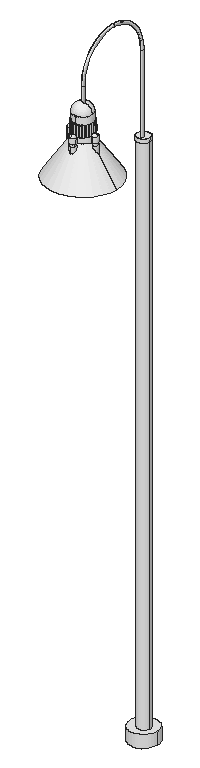
Revit family "ERA-RA25", category Lighting Fixtures, Revit 2014
Parameters (values of type "ER-RA17-1A")
  Wattage Comments = "60 LEDs, 68 W"  # constant formula
  Voltage = 120 V
  URL = "http://www.kimlighting.com/products/era"
  Type Comments = "Lighting Fixture"  # constant formula
  Series = "ERA LUMINAIRE"  # constant formula
  Product Page URL = "http://www.kimlighting.com/products/era"
  Product Documentation Link = "http://www.kimlighting.com/content/products/specs/specs_files/kl_ra17eled_spec.pdf"
  Power Factor = 1  # constant formula
  Pole Height = Mount Height - 16 1/2"  # 175 1/2"
  Pole Finish = Metal-Kim Lighting-Aluminum Alloy
  Photometric Web Link = "https://www.hubbell.com/kimlighting/en/Products/Lighting-Controls/Commercial-Outdoor-Lighting/Decorative-Post-Top/Era/p/248461#prod-photometry-section"
  Photometric Notes = "More IES files download on Photometric Web Link"  # constant formula
  Number of Poles = 1
  Mount Height = 192"
  Model = "Era"  # constant formula
  MasterFormat Title = "Parking Lighting, Roadway Lighting, Site Lighting"  # constant formula
  Manufacturer = "Kim Lighting"  # constant formula
  Load Classification = Lighting
  Lamp = "LED"  # constant formula
  Inside Material = Metal-Kim Lighting-Aluminum-Reflective
  Housing Material = Metal-Kim Lighting-Aluminum Alloy
  Glass Material = Glass-Kim Lighting-Clear
  Finish = "All colors shall be a Super TGIC powder coat paint. Optional white (WH) and custom colors available."
  Description = "Site/Roadway Luminaire"  # constant formula
  Assembly Code = "D5020200"
  Arm Material = Metal-Kim Lighting-Aluminum Alloy
  Apparent Load = 68 VA
  Height = 17 1/2"
  Angle Bee = 180.00°
  4C = no
  3Y = no
  2 = no
  1 = yes
Reference planes (in)
  plane 1 "Center (Front/Back)": y = 0
  plane 2: z = 189
  plane 3 "Center (Left/Right)": x = -1.40174
  plane 4 "TOP": z = 192
  plane 5: z = 175.5
  plane 6: z = 182.5
  plane 7: x = 1.59826
  plane 8: x = -4.40174
  plane 9: z = 174.5
  plane 10: x = 7.09826
  plane 11: x = -9.90174
  plane 12: z = 183.5
  plane 13: z = 185
  plane 14: z = 188
  plane 15: x = 2.59826
  plane 16: x = -5.40174
  plane 17: y = -3
  plane 18: x = 3.34826
  plane 19: z = 179.5
  plane 20: x = -6.15174
  plane 21: y = 3
  plane 22: y = 4
  plane 23: y = -4
  plane 24: z = 177.20677
  plane 25 "Bottom": z = 172.75
  plane 26: z = 175
  plane 27: z = 176.5
  plane 28: z = 0
Forms (in)
  Revolve 1, solid, material "Glass-Kim Lighting-Clear" <- "Glass Material", not visible
    sketch origin (0, 0, 33.625) x (1, 0, 0) y (0, 0, 1)
      loop
        line (5.64075, 140.875) -> (5.36959, 140.875)
        arc (5.36959, 140.875) -> (2.08006, 139.66194) -> (-1.40174, 139.25) r 14.92048
        line (-1.40174, 139.25) -> (-1.40174, 139.125)
        arc (-1.40174, 139.125) -> (2.22659, 139.56905) -> (5.64075, 140.875) r 15.04548
      axis (-1.40174, 139.125) -> (-1.40174, 140.875)
    angle from 0 to 360
  Extrusion 2, solid, material "Glass-Kim Lighting-Clear" <- "Glass Material", not visible
    sketch origin (4.8439, 0, 27.67862) x (0, 1, 0) y (1, 0, 0)
      loop
        circle (0, -6.24564) r 7.04249
    from -147.32138 to -146.82138
  Revolve 3, solid, material "Metal-Kim Lighting-Aluminum Alloy" <- "Housing Material", not visible
    sketch origin (0, 0, 36) x (1, 0, 0) y (0, 0, 1)
      loop
        line (-1.40174, 156) -> (-1.40174, 155.875)
        arc (-1.40174, 155.875) -> (0.63119, 155.03293) -> (1.47326, 153) r 2.875
        line (1.47326, 153) -> (1.59826, 153)
        arc (1.59826, 153) -> (0.71958, 155.12132) -> (-1.40174, 156) r 3
      axis (-1.40174, 156) -> (-1.40174, 153)
    angle from 0 to 360
  Extrusion 4, solid, material "Metal-Kim Lighting-Aluminum Alloy" <- "Housing Material", not visible
    sketch origin (4.8439, 0, 29.1894) x (0, 1, 0) y (-1, 0, 0)
      loop
        circle (0, 2.24564) r 1
    from 150.3106 to 153.3106
  Extrusion 5, solid, material "Metal-Kim Lighting-Aluminum Alloy" <- "Housing Material", not visible
    sketch origin (0.83045, 4.01345, 29.1894) x (0, 1, 0) y (-1, 0, 0)
      loop
        circle (-0.01345, 2.23219) r 1
    from 150.3106 to 153.3106
  Extrusion 6, solid, material "Metal-Kim Lighting-Aluminum Alloy" <- "Housing Material", not visible
    sketch origin (-3.183, 0, 29.1894) x (0, 1, 0) y (-1, 0, 0)
      loop
        circle (0, 2.21874) r 0.98655
    from 150.3106 to 153.3106
  Extrusion 7, solid, material "Metal-Kim Lighting-Aluminum Alloy" <- "Housing Material", not visible
    sketch origin (0.83045, -4.01345, 29.1894) x (0, 1, 0) y (-1, 0, 0)
      loop
        circle (0.01345, 2.23219) r 0.98655
    from 150.3106 to 153.3106
  Blend 8, solid, material "Metal-Kim Lighting-Aluminum Alloy" <- "Housing Material", not visible
    base sketch origin (4.8439, 0, 29.1894) x (0, 1, 0) y (-1, 0, 0)
      loop
        line (3.25, 6.24564) -> (3.25, 6.49564) -> (3, 6.49564) -> (2.96248, 6.78061) -> (3.20396, 6.84532) -> (3.13926, 7.0868) -> (3.07455, 7.32828) -> (2.83307, 7.26357) -> (2.72308, 7.52913) -> (2.93958, 7.65413) -> (2.81458, 7.87064) -> (2.68958, 8.08714) -> (2.47308, 7.96214) -> (2.2981, 8.19018) -> (2.47487, 8.36696) -> (2.2981, 8.54373) -> (2.12132, 8.72051) -> (1.94454, 8.54373) -> (1.71836, 8.73208) -> (1.84197, 8.94939) -> (1.62466, 9.073) -> (1.40736, 9.1966) -> (1.28375, 8.9793) -> (1.01259, 9.07799) -> (1.07942, 9.334) -> (0.83753, 9.39715) -> (0.59564, 9.4603) -> (0.53249, 9.21841) -> (0.24492, 9.25814) -> (0.24332, 9.50814) -> (-0.00668, 9.50653) -> (-0.25667, 9.50493) -> (-0.25507, 9.25493) -> (-0.53249, 9.21841) -> (-0.59564, 9.4603) -> (-0.83753, 9.39715) -> (-1.07942, 9.334) -> (-1.01627, 9.0921) -> (-1.28375, 8.9793) -> (-1.40736, 9.1966) -> (-1.62466, 9.073) -> (-1.84197, 8.94939) -> (-1.71836, 8.73208) -> (-1.94454, 8.54373) -> (-2.12132, 8.72051) -> (-2.2981, 8.54373) -> (-2.47487, 8.36696) -> (-2.2981, 8.19018) -> (-2.47308, 7.96214) -> (-2.68958, 8.08714) -> (-2.81458, 7.87064) -> (-2.93958, 7.65413) -> (-2.72308, 7.52913) -> (-2.83307, 7.26357) -> (-3.07455, 7.32828) -> (-3.13926, 7.0868) -> (-3.20396, 6.84532) -> (-2.96248, 6.78061) -> (-3, 6.49564) -> (-3.25, 6.49564) -> (-3.25, 6.24564) -> (-3.25, 5.99564) -> (-3, 5.99564) -> (-2.96248, 5.71066) -> (-3.20396, 5.64595) -> (-3.13926, 5.40447) -> (-3.07455, 5.16299) -> (-2.83307, 5.2277) -> (-2.72308, 4.96214) -> (-2.93958, 4.83714) -> (-2.81458, 4.62064) -> (-2.68958, 4.40413) -> (-2.47308, 4.52913) -> (-2.2981, 4.30109) -> (-2.47487, 4.12432) -> (-2.2981, 3.94754) -> (-2.12132, 3.77076) -> (-1.94454, 3.94754) -> (-1.71836, 3.75919) -> (-1.84197, 3.54188) -> (-1.62466, 3.41828) -> (-1.40736, 3.29467) -> (-1.28375, 3.51197) -> (-1.01627, 3.39917) -> (-1.07942, 3.15727) -> (-0.83753, 3.09412) -> (-0.59564, 3.03097) -> (-0.53249, 3.27286) -> (-0.25507, 3.23634) -> (-0.25667, 2.98634) -> (-0.00668, 2.98474) -> (0.24332, 2.98313) -> (0.24492, 3.23313) -> (0.53249, 3.27286) -> (0.59564, 3.03097) -> (0.83753, 3.09412) -> (1.07942, 3.15727) -> (1.01627, 3.39917) -> (1.28375, 3.51197) -> (1.40736, 3.29467) -> (1.62466, 3.41828) -> (1.84197, 3.54188) -> (1.72076, 3.75497) -> (1.94454, 3.94754) -> (2.12132, 3.77076) -> (2.2981, 3.94754) -> (2.47487, 4.12432) -> (2.2981, 4.30109) -> (2.47308, 4.52913) -> (2.68958, 4.40413) -> (2.81458, 4.62064) -> (2.93958, 4.83714) -> (2.72308, 4.96214) -> (2.83307, 5.2277) -> (3.07455, 5.16299) -> (3.13926, 5.40447) -> (3.20396, 5.64595) -> (2.96248, 5.71066) -> (3, 5.99564) -> (3.25, 5.99564) -> (3.25, 6.24564)
    top sketch origin (4.8439, 0, 29.1894) x (0, 1, 0) y (-1, 0, 0)
      loop
        line (3.25, 6.24564) -> (3.25, 6.49564) -> (3, 6.49564) -> (2.96248, 6.78061) -> (3.20396, 6.84532) -> (3.13926, 7.0868) -> (3.07455, 7.32828) -> (2.83307, 7.26357) -> (2.72308, 7.52913) -> (2.93958, 7.65413) -> (2.81458, 7.87064) -> (2.68958, 8.08714) -> (2.47308, 7.96214) -> (2.2981, 8.19018) -> (2.47487, 8.36696) -> (2.2981, 8.54373) -> (2.12132, 8.72051) -> (1.94454, 8.54373) -> (1.71836, 8.73208) -> (1.84197, 8.94939) -> (1.62466, 9.073) -> (1.40736, 9.1966) -> (1.28375, 8.9793) -> (1.01259, 9.07799) -> (1.07942, 9.334) -> (0.83753, 9.39715) -> (0.59564, 9.4603) -> (0.53249, 9.21841) -> (0.24492, 9.25814) -> (0.24332, 9.50814) -> (-0.00668, 9.50653) -> (-0.25667, 9.50493) -> (-0.25507, 9.25493) -> (-0.53249, 9.21841) -> (-0.59564, 9.4603) -> (-0.83753, 9.39715) -> (-1.07942, 9.334) -> (-1.01627, 9.0921) -> (-1.28375, 8.9793) -> (-1.40736, 9.1966) -> (-1.62466, 9.073) -> (-1.84197, 8.94939) -> (-1.71836, 8.73208) -> (-1.94454, 8.54373) -> (-2.12132, 8.72051) -> (-2.2981, 8.54373) -> (-2.47487, 8.36696) -> (-2.2981, 8.19018) -> (-2.47308, 7.96214) -> (-2.68958, 8.08714) -> (-2.81458, 7.87064) -> (-2.93958, 7.65413) -> (-2.72308, 7.52913) -> (-2.83307, 7.26357) -> (-3.07455, 7.32828) -> (-3.13926, 7.0868) -> (-3.20396, 6.84532) -> (-2.96248, 6.78061) -> (-3, 6.49564) -> (-3.25, 6.49564) -> (-3.25, 6.24564) -> (-3.25, 5.99564) -> (-3, 5.99564) -> (-2.96248, 5.71066) -> (-3.20396, 5.64595) -> (-3.13926, 5.40447) -> (-3.07455, 5.16299) -> (-2.83307, 5.2277) -> (-2.72308, 4.96214) -> (-2.93958, 4.83714) -> (-2.81458, 4.62064) -> (-2.68958, 4.40413) -> (-2.47308, 4.52913) -> (-2.2981, 4.30109) -> (-2.47487, 4.12432) -> (-2.2981, 3.94754) -> (-2.12132, 3.77076) -> (-1.94454, 3.94754) -> (-1.71836, 3.75919) -> (-1.84197, 3.54188) -> (-1.62466, 3.41828) -> (-1.40736, 3.29467) -> (-1.28375, 3.51197) -> (-1.01627, 3.39917) -> (-1.07942, 3.15727) -> (-0.83753, 3.09412) -> (-0.59564, 3.03097) -> (-0.53249, 3.27286) -> (-0.25507, 3.23634) -> (-0.25667, 2.98634) -> (-0.00668, 2.98474) -> (0.24332, 2.98313) -> (0.24492, 3.23313) -> (0.53249, 3.27286) -> (0.59564, 3.03097) -> (0.83753, 3.09412) -> (1.07942, 3.15727) -> (1.01627, 3.39917) -> (1.28375, 3.51197) -> (1.40736, 3.29467) -> (1.62466, 3.41828) -> (1.84197, 3.54188) -> (1.72076, 3.75497) -> (1.94454, 3.94754) -> (2.12132, 3.77076) -> (2.2981, 3.94754) -> (2.47487, 4.12432) -> (2.2981, 4.30109) -> (2.47308, 4.52913) -> (2.68958, 4.40413) -> (2.81458, 4.62064) -> (2.93958, 4.83714) -> (2.72308, 4.96214) -> (2.83307, 5.2277) -> (3.07455, 5.16299) -> (3.13926, 5.40447) -> (3.20396, 5.64595) -> (2.96248, 5.71066) -> (3, 5.99564) -> (3.25, 5.99564) -> (3.25, 6.24564)
    from 155.8106 to 158.8106
  Extrusion 9, solid, material "Metal-Kim Lighting-Aluminum Alloy" <- "Housing Material", not visible
    sketch origin (4.8439, 0, 29.1894) x (0, 1, 0) y (-1, 0, 0)
      loop
        circle (0, 6.24564) r 3.25
      loop
        circle (0, 6.24564) r 3
    from 153.3106 to 155.8106
  Extrusion 10, solid, material "Metal-Kim Lighting-Aluminum Alloy" <- "Housing Material", not visible
    sketch origin (4.8439, 0, 29.1894) x (0, 1, 0) y (-1, 0, 0)
      loop
        circle (0, 2.24564) r 1
    from 154.3106 to 155.8106
  Revolve 11, solid, material "Metal-Kim Lighting-Aluminum Alloy" <- "Housing Material", not visible, detail levels fine
    sketch origin (0, 0, 36) x (1, 0, 0) y (0, 0, 1)
      loop
        arc (3.34826, 149) -> (3.12859, 149.53033) -> (2.59826, 149.75) r 0.75
        line (2.59826, 149.75) -> (2.59826, 149) -> (3.34826, 149)
      axis (2.59826, 149) -> (2.59826, 149.75)
    angle from 0 to 360
  Extrusion 12, solid, material "Metal-Kim Lighting-Aluminum Alloy" <- "Housing Material", not visible
    sketch origin (4.8439, 0, 29.1894) x (0, 1, 0) y (-1, 0, 0)
      loop
        circle (0, 10.24564) r 0.75
    from 153.3106 to 155.8106
  Extrusion 13, solid, material "Metal-Kim Lighting-Aluminum Alloy" <- "Housing Material", not visible
    sketch origin (-7.64737, 0, 29.1894) x (0, -1, 0) y (1, 0, 0)
      loop
        circle (0, 2.24564) r 1
    from 154.3106 to 155.8106
  Revolve 14, solid, material "Metal-Kim Lighting-Aluminum Alloy" <- "Housing Material", not visible
    sketch origin (-2.80348, 0, 36) x (-1, 0, 0) y (0, 0, 1)
      loop
        arc (3.34826, 149) -> (3.12859, 149.53033) -> (2.59826, 149.75) r 0.75
        line (2.59826, 149.75) -> (2.59826, 149) -> (3.34826, 149)
      axis (2.59826, 149) -> (2.59826, 149.75)
    angle from 0 to 360
  Extrusion 15, solid, material "Metal-Kim Lighting-Aluminum Alloy" <- "Housing Material", not visible
    sketch origin (-7.64737, 0, 29.1894) x (0, -1, 0) y (1, 0, 0)
      loop
        circle (0, 10.24564) r 0.75
    from 153.3106 to 155.8106
  Revolve 16, solid, material "Metal-Kim Lighting-Aluminum Alloy" <- "Housing Material", not visible
    sketch origin (0, 0, 36) x (1, 0, 0) y (0, 0, 1)
      loop
        line (1.59826, 146.5) -> (-1.40174, 146.5) -> (-1.40174, 143.5) -> (2.4979, 143.5) -> (5.64075, 139.5) -> (5.64075, 138.5) -> (7.09826, 138.5) -> (7.09826, 139.5) -> (1.59826, 146.5)
      axis (-1.40174, 138.5) -> (-1.40174, 146.5)
    angle from 0 to 360
  Revolve 17, solid, material "Metal-Kim Lighting-Aluminum-Reflective" <- "Inside Material", not visible
    sketch origin (5.12421, 0, -11.18857) x (1, 0, 0) y (0, 0, 1)
      loop
        line (-6.52594, 190.587) -> (-2.95443, 190.587) -> (-2.95443, 189.77976) -> (-1.45607, 189.08102) -> (-0.97861, 187.69437) -> (-0.97861, 185.68857) -> (0.51899, 185.68857) -> (0.51899, 185.79013) -> (-0.87705, 185.79013) -> (-0.87705, 187.71136) -> (-1.37408, 189.15484) -> (-2.85287, 189.84446) -> (-2.85287, 190.68857) -> (-6.52594, 190.68857) -> (-6.52594, 190.587)
      axis (-6.52594, 190.68857) -> (-6.52594, 185.68857)
    angle from 0 to 360
  Revolve 18, solid, material "Metal-Kim Lighting-Aluminum-Reflective" <- "Inside Material", not visible
    sketch origin (5.12421, 0, -11.18857) x (1, 0, 0) y (0, 0, 1)
      loop
        line (-6.52594, 189.7429) -> (-3.04956, 189.7429) -> (-2.55732, 188.31334) -> (-0.97895, 188.31334) -> (-0.97895, 185.68857) -> (0.51899, 185.68857) -> (0.51899, 185.79463) -> (-0.87635, 185.79463) -> (-0.87635, 188.39533) -> (-2.47814, 188.39533) -> (-2.97712, 189.84446) -> (-6.52594, 189.84446) -> (-6.52594, 189.7429)
      axis (-6.52594, 189.84446) -> (-6.52594, 185.68857)
    angle from 0 to 360
  Extrusion 19, solid, material "Metal-Kim Lighting-Aluminum Alloy" <- "Housing Material", not visible
    sketch origin (4.8439, 0, 29.1894) x (0, 1, 0) y (-1, 0, 0)
      loop
        circle (0, 6.24564) r 3
    from 155.8106 to 159.8106
  Extrusion 20, solid, material "Metal-Kim Lighting-Aluminum Alloy" <- "Housing Material", not visible
    sketch origin (-1.40174, -6.24564, 29.1894) x (1, 0, 0) y (0, 1, 0)
      loop
        circle (0, 2.24564) r 1
    from 154.3106 to 155.8106
  Revolve 21, solid, material "Metal-Kim Lighting-Aluminum Alloy" <- "Housing Material", not visible, detail levels fine
    sketch origin (-1.40174, -1.40174, 36) x (0, -1, 0) y (0, 0, -1)
      loop
        line (3.34826, -149) -> (2.59826, -149) -> (2.59826, -149.75)
        arc (2.59826, -149.75) -> (3.12859, -149.53033) -> (3.34826, -149) r 0.75
      axis (2.59826, -149) -> (2.59826, -149.75)
    angle from 0 to 360
  Extrusion 22, solid, material "Metal-Kim Lighting-Aluminum Alloy" <- "Housing Material", not visible
    sketch origin (-1.40174, 6.24564, 29.1894) x (-1, 0, 0) y (0, -1, 0)
      loop
        circle (0, 2.24564) r 1
    from 154.3106 to 155.8106
  Revolve 23, solid, material "Metal-Kim Lighting-Aluminum Alloy" <- "Housing Material", not visible
    sketch origin (-1.40174, 1.40174, 36) x (0, 1, 0) y (0, 0, 1)
      loop
        arc (3.34826, 149) -> (3.12859, 149.53033) -> (2.59826, 149.75) r 0.75
        line (2.59826, 149.75) -> (2.59826, 149) -> (3.34826, 149)
      axis (2.59826, 149) -> (2.59826, 149.75)
    angle from 0 to 360
  Extrusion 24, solid, material "Metal-Kim Lighting-Aluminum Alloy" <- "Housing Material", not visible
    sketch origin (-1.40174, 6.24564, 29.1894) x (-1, 0, 0) y (0, -1, 0)
      loop
        circle (0, 10.24564) r 0.75
    from 153.3106 to 155.8106
  Extrusion 25, solid, material "Metal-Kim Lighting-Aluminum Alloy" <- "Housing Material", not visible
    sketch origin (-1.40174, -6.24564, 29.1894) x (1, 0, 0) y (0, 1, 0)
      loop
        circle (0, 10.24564) r 0.75
    from 153.3106 to 155.8106
  Revolve 26, solid, material "Metal-Kim Lighting-Aluminum Alloy" <- "Housing Material", not visible
    sketch origin (0, 0, 36) x (1, 0, 0) y (0, 0, 1)
      loop
        line (-1.40174, 146.5) -> (-4.40174, 146.5) -> (-9.90174, 138.5) -> (-1.40174, 138.5) -> (-1.40174, 146.5)
      axis (-1.40174, 146.5) -> (-1.40174, 138.5)
    angle from 0 to 360
  Extrusion 27, solid, material "Metal-Kim Lighting-Aluminum Alloy" <- "Housing Material", not visible
    sketch origin (4.8439, 0, 29.1894) x (0, 1, 0) y (-1, 0, 0)
      loop
        circle (0, 6.24564) r 3
    from 153.3106 to 159.8106
  Sweep 28, solid, material "Metal-Kim Lighting-Aluminum Alloy" <- "Pole Finish", visible <- "1"
    path origin (-26.63639, -48.15867, 0) x (0.000096, -1, 0) y (0, 0, 1)
      loop
        line (0.3125, 192) -> (0.3125, 201)
        arc (0.3125, 201) -> (-3.20222, 209.48528) -> (-11.6875, 213) r 12
        arc (-11.6875, 213) -> (-20.17278, 209.48528) -> (-23.6875, 201) r 12
        line (-23.6875, 201) -> (-23.6875, 175.5)
    profile origin (-26.63636, -48.47117, 196.5) x (-0.000096, 1, 0) y (-1, -0.000096, 0)
      loop
        circle (0, -25.23698) r 0.39063
  Sweep 29, solid, material "Metal-Kim Lighting-Aluminum Alloy" <- "Pole Finish", visible <- "2"
    path origin (-26.63639, 0.48819, 0) x (0.000096, 1, 0) y (0, 0, -1)
      loop
        line (0.3125, -192) -> (0.3125, -201)
        arc (0.3125, -201) -> (-3.20222, -209.48528) -> (-11.6875, -213) r 12
        arc (-11.6875, -213) -> (-20.17278, -209.48528) -> (-23.6875, -201) r 12
        line (-23.6875, -201) -> (-23.6875, -175.5)
    profile origin (-26.63636, 0.80069, 196.5) x (0.000096, 1, 0) y (-1, 0.000096, 0)
      loop
        circle (0, -25.23698) r 0.39063
  Sweep 30, solid, material "Metal-Kim Lighting-Aluminum Alloy" <- "Pole Finish", visible <- "3Y"
    path origin (-34.87341, -33.40595, 0) x (-0.865977, 0.500083, 0) y (0, 0, -1)
      loop
        line (0.3125, -192) -> (0.3125, -201)
        arc (0.3125, -201) -> (-3.20222, -209.48528) -> (-11.6875, -213) r 12
        arc (-11.6875, -213) -> (-20.17278, -209.48528) -> (-23.6875, -201) r 12
        line (-23.6875, -201) -> (-23.6875, -175.5)
    profile origin (-35.14403, -33.24967, 196.5) x (-0.865977, 0.500083, 0) y (-0.500083, -0.865977, 0)
      loop
        circle (0, -25.23698) r 0.39063
  Sweep 31, solid, material "Metal-Kim Lighting-Aluminum Alloy" <- "Pole Finish", visible <- "3Y"
    path origin (32.06994, -33.40595, 0) x (0.865977, 0.500083, 0) y (0, 0, 1)
      loop
        line (0.3125, 192) -> (0.3125, 201)
        arc (0.3125, 201) -> (-3.20222, 209.48528) -> (-11.6875, 213) r 12
        arc (-11.6875, 213) -> (-20.17278, 209.48528) -> (-23.6875, 201) r 12
        line (-23.6875, 201) -> (-23.6875, 175.5)
    profile origin (32.34055, -33.24967, 196.5) x (-0.865977, -0.500083, 0) y (0.500083, -0.865977, 0)
      loop
        circle (0, -25.23698) r 0.39063
  Sweep 32, solid, material "Metal-Kim Lighting-Aluminum Alloy" <- "Pole Finish", visible <- "4C"
    path origin (-25.39036, -48.91441, 0) x (-0.999994, -0.00354, 0) y (0, 0, -1)
      loop
        line (0.3125, -192) -> (0.3125, -201)
        arc (0.3125, -201) -> (-3.20222, -209.48528) -> (-11.6875, -213) r 12
        arc (-11.6875, -213) -> (-20.17278, -209.48528) -> (-23.6875, -201) r 12
        line (-23.6875, -201) -> (-23.6875, -175.5)
    profile origin (-25.70286, -48.91551, 196.5) x (-0.999994, -0.00354, 0) y (0.00354, -0.999994, 0)
      loop
        circle (0, -25.23698) r 0.39063
  Sweep 33, solid, material "Metal-Kim Lighting-Aluminum Alloy" <- "Pole Finish", visible <- "4C"
    path origin (22.58688, -48.91441, 0) x (0.999994, -0.00354, 0) y (0, 0, 1)
      loop
        line (0.3125, 192) -> (0.3125, 201)
        arc (0.3125, 201) -> (-3.20222, 209.48528) -> (-11.6875, 213) r 12
        arc (-11.6875, 213) -> (-20.17278, 209.48528) -> (-23.6875, 201) r 12
        line (-23.6875, 201) -> (-23.6875, 175.5)
    profile origin (22.89938, -48.91551, 196.5) x (-0.999994, 0.00354, 0) y (-0.00354, -0.999994, 0)
      loop
        circle (0, -25.23698) r 0.39063
Lines and regions (in)
  symbolic lines, detail levels medium+fine
    curve 1: arc (-1.40174, 0, 192) -> (0.71958, 0, 191.12132) -> (1.59826, 0, 189) r 3
    curve 3: line (1.59826, 0, 182.5) -> (7.09826, 0, 175.5)
    curve 5: line (-9.90174, 0, 175.5) -> (-4.40174, 0, 182.5)
    curve 7: arc (-4.40174, 0, 189) -> (-3.52306, 0, 191.12132) -> (-1.40174, 0, 192) r 3
    curve 8: line (7.09826, 0, 175.5) -> (-9.90174, 0, 175.5)
    curve 9: line (1.59826, 0, 182.5) -> (-4.40174, 0, 182.5)
    curve 25: arc (5.64075, 0, 174.5) -> (-1.40174, 0, 172.75) -> (-8.44423, 0, 174.5) r 15.04548
    curve 29: line (-9.90174, 0, 175.5) -> (-9.90174, 0, 174.5)
    curve 30: line (7.09826, 0, 175.5) -> (7.09826, 0, 174.5)
  symbolic lines
    curve 2: line (1.59826, 0, 189) -> (1.59826, 0, 182.5)
    curve 4: line (7.09826, 0, 174.5) -> (-9.90174, 0, 174.5)
    curve 6: line (-4.40174, 0, 182.5) -> (-4.40174, 0, 189)
  symbolic lines, detail levels fine
    curve 10: line (1.59826, 0, 182.5) -> (3.59826, 0, 182.5)
    curve 11: line (3.59826, 0, 182.5) -> (3.59826, 0, 179.95455)
    curve 12: line (-4.40174, 0, 182.5) -> (-6.40174, 0, 182.5)
    curve 13: line (-6.40174, 0, 182.5) -> (-6.40174, 0, 179.95455)
    curve 14: line (-4.40174, 0, 182.5) -> (-6.40174, 0, 182.5)
    curve 15: line (-0.40174, 0, 182.5) -> (-2.40174, 0, 182.5)
    curve 16: line (-0.40174, 0, 182.5) -> (-0.40174, 0, 180.86827)
    curve 17: spline (-0.40174, 0, 180.86827) -> (-0.43581, 0, 180.58001) -> (-0.53571, 0, 180.3114) -> (-0.69463, 0, 180.08073) -> (-0.90174, 0, 179.90374) -> (-1.14292, 0, 179.79247) -> (-1.40174, 0, 179.75452) -> (-1.66056, 0, 179.79247) -> (-1.90174, 0, 179.90374) -> (-2.10885, 0, 180.08073) -> (-2.26776, 0, 180.3114) -> (-2.36767, 0, 180.58001) -> (-2.40174, 0, 180.86827)
    curve 18: line (-2.40174, 0, 180.86827) -> (-2.40174, 0, 182.5)
    curve 19: line (1.59826, 0, 188) -> (-4.40174, 0, 188)
    curve 20: line (1.59826, 0, 185) -> (-4.40174, 0, 185)
  symbolic lines, detail levels coarse
    curve 21: line (1.59826, 0, 182.5) -> (7.09826, 0, 174.5)
    curve 22: line (-4.40174, 0, 182.5) -> (-9.90174, 0, 174.5)
    curve 23: line (1.59826, 0, 182.5) -> (-9.90174, 0, 174.5)
    curve 24: line (-4.40174, 0, 182.5) -> (7.09826, 0, 174.5)
    curve 26: line (1.59826, 0, 189) -> (1.59826, 0, 183.5)
    curve 27: line (1.59826, 0, 183.5) -> (-4.40174, 0, 183.5)
    curve 28: line (-4.40174, 0, 183.5) -> (-4.40174, 0, 189)
Dimensions and locks (in)
  locked: plane 2 to plane 4 "TOP" at 3
  locked: plane 14 to plane 4 "TOP" at 4
  locked: plane 13 to plane 4 "TOP" at 7
  locked: plane 12 to plane 4 "TOP" at 8.5
  locked: plane 25 "Bottom" to plane 6 at 9.75
  locked: plane 25 "Bottom" to plane 5 at 2.75
  locked: plane 25 "Bottom" to plane 26 at 2.25
  locked: plane 25 "Bottom" to plane 9 at 1.75
  locked: plane 25 "Bottom" to plane 27 at 3.75
  locked: plane 25 "Bottom" to plane 24 at 4.45677
  locked: plane 25 "Bottom" to plane 19 at 6.75
  equal spacing: plane 11, plane 3 "Center (Left/Right)", plane 10
  locked: plane 11 to plane 10 at 17
  plane 23 to plane 1 "Center (Front/Back)" to plane 22 = 4" locked, 4" locked
  plane 17 to plane 1 "Center (Front/Back)" to plane 21 = 3" locked, 3" locked
  plane 20 to plane 3 "Center (Left/Right)" to plane 18 = 4 3/4" locked, 4 3/4" locked
  plane 16 to plane 3 "Center (Left/Right)" to plane 15 = 4" locked, 4" locked
  plane 8 to plane 3 "Center (Left/Right)" to plane 7 = 3" locked, 3" locked
  "Height": plane 9 to plane 4 "TOP"
  "Mount Height": level to plane 4 "TOP"
  locked: nested 2 to plane 1 "Center (Front/Back)" at 23.83524
  locked: plane 4 "TOP" to nested 2 at 16.5
  aligned and locked: plane 3 "Center (Left/Right)" to nested 1
  aligned and locked: curve 27 to plane 12
  aligned and locked: Revolve 18 to Revolve 17 sketch curve
Automatic sketch dimensions
  Revolve 1 sketch curve to Revolve 1 sketch curve = 0"  (x4)
  Revolve 1 sketch curve to Revolve 1 sketch curve = 0.27116"
  Revolve 1 sketch curve to Revolve 1 sketch curve = 10 1/4"
  Revolve 1 sketch curve to Revolve 1 sketch curve = 1.29548"
  Blend 8 sketch curve to Blend 8 sketch curve = 0.21651"  (x20)
  Blend 8 sketch curve to Blend 8 sketch curve = 1/8"  (x20)
  Blend 8 sketch curve to Blend 8 sketch curve = 0.21471"  (x4)
  Blend 8 sketch curve to Blend 8 sketch curve = 0.17678"  (x44)
  Blend 8 sketch curve to Blend 8 sketch curve = 0.27935"  (x4)
  Blend 8 sketch curve to Blend 8 sketch curve = 0.12361"  (x22)
  Blend 8 sketch curve to Blend 8 sketch curve = 0.2173"  (x16)
  Blend 8 sketch curve to Blend 8 sketch curve = 0.32794"  (x4)
  Blend 8 sketch curve to Blend 8 sketch curve = 0.06315"  (x22)
  Blend 8 sketch curve to Blend 8 sketch curve = 0.24189"  (x16)
  Blend 8 sketch curve to Blend 8 sketch curve = 0.00161"  (x12)
  Blend 8 sketch curve to Blend 8 sketch curve = 0.28756"  (x4)
  Blend 8 sketch curve to Blend 8 sketch curve = 0.17506"  (x2)
  Blend 8 sketch curve to Blend 8 sketch curve = 0.17874"  (x2)
  Blend 8 sketch curve to Blend 8 sketch curve = 0.27117"  (x2)
  Blend 8 sketch curve to Blend 8 sketch curve = 0.26748"  (x2)
  Blend 8 sketch curve to Blend 8 sketch curve = 0.0937"  (x6)
  Blend 8 sketch curve to Blend 8 sketch curve = 0.0961"  (x2)
  Blend 8 sketch curve to Blend 8 sketch curve = 0.22618"  (x2)
  Blend 8 sketch curve to Blend 8 sketch curve = 0.22378"  (x2)
  Blend 8 sketch curve to Blend 8 sketch curve = 0"  (x6)
  Blend 8 sketch curve to Blend 8 sketch curve = 0.35355"  (x2)
  Blend 8 sketch curve to Blend 8 sketch curve = 0.17498"  (x4)
  Blend 8 sketch curve to Blend 8 sketch curve = 0.22888"  (x4)
  Blend 8 sketch curve to Blend 8 sketch curve = 0.27981"  (x4)
  Blend 8 sketch curve to Blend 8 sketch curve = 0.32585"  (x4)
  Blend 8 sketch curve to Blend 8 sketch curve = 0.0647"  (x20)
  Blend 8 sketch curve to Blend 8 sketch curve = 0.24148"  (x20)
  Blend 8 sketch curve to Blend 8 sketch curve = 1/4"  (x28)
  Blend 8 sketch curve to Blend 8 sketch curve = 0.28498"  (x6)
  Blend 8 sketch curve to Blend 8 sketch curve = 0.26556"  (x4)
  Blend 8 sketch curve to Blend 8 sketch curve = 0.09151"  (x4)
  Blend 8 sketch curve to Blend 8 sketch curve = 0.22804"  (x4)
  Blend 8 sketch curve to Blend 8 sketch curve = 0.18835"  (x4)
  Extrusion 9 sketch curve to Extrusion 9 sketch curve = 0"  (x4)
  Revolve 17 sketch curve to Revolve 17 sketch curve = 13/128"  (x4)
  Revolve 17 sketch curve to Revolve 17 sketch curve = 0.08199"
  Revolve 17 sketch curve to Revolve 17 sketch curve = 0.07383"
  Revolve 17 sketch curve to Revolve 17 sketch curve = 0.80724"
  Revolve 17 sketch curve to Revolve 17 sketch curve = 0.0647"
  Revolve 18 sketch curve to Revolve 18 sketch curve = 0.07244"
  Revolve 18 sketch curve to Revolve 18 sketch curve = 0.1026"
  Revolve 18 sketch curve to Revolve 18 sketch curve = 1.39534"
  Revolve 18 sketch curve to Revolve 18 sketch curve = 13/128"
  Revolve 1 sketch curve to Revolve 1 sketch curve = 6.77133"
  Revolve 1 sketch curve to Revolve 1 sketch curve = 1/8"
  Revolve 3 sketch curve to Revolve 3 sketch curve = 2 7/8"
  Revolve 3 sketch curve to Revolve 3 sketch curve = 1/8"
  Revolve 3 sketch curve to Revolve 3 sketch curve = 0"  (x3)
  Revolve 3 sketch curve to Revolve 3 sketch curve = 21"
  Revolve 3 sketch curve to Revolve 3 sketch curve = 41.9023"
  Blend 8 sketch curve to Blend 8 sketch curve = 0.04604"  (x4)
  Blend 8 sketch curve to Blend 8 sketch curve = 0.13497"  (x4)
  Blend 8 sketch curve to Blend 8 sketch curve = 0.33896"  (x4)
  Blend 8 sketch curve to Blend 8 sketch curve = 0.12121"  (x2)
  Blend 8 sketch curve to Blend 8 sketch curve = 0.11"  (x4)
  Blend 8 sketch curve to Blend 8 sketch curve = 0.12941"  (x4)
  Blend 8 sketch curve to Blend 8 sketch curve = 0.03752"  (x4)
  Blend 8 sketch curve to Blend 8 sketch curve = 0.04784"  (x2)
  Blend 8 sketch curve to Blend 8 sketch curve = 0.04463"  (x2)
  Blend 8 sketch curve to Blend 8 sketch curve = 0.13739"  (x4)
  Blend 8 sketch curve to Blend 8 sketch curve = 0.34968"  (x2)
  Blend 8 sketch curve to Blend 8 sketch curve = 0.0987"  (x2)
  Blend 8 sketch curve to Blend 8 sketch curve = 0.11281"  (x2)
  Blend 8 sketch curve to Blend 8 sketch curve = 0.1263"  (x2)
  Blend 8 sketch curve to Blend 8 sketch curve = 0.14042"  (x2)
  Blend 8 sketch curve to Blend 8 sketch curve = 0.03652"  (x2)
  Blend 8 sketch curve to Blend 8 sketch curve = 0.03973"  (x2)
  Blend 8 sketch curve to Blend 8 sketch curve = 0.256"  (x2)
  Revolve 11 sketch curve to Revolve 11 sketch curve = 3/4"
  Revolve 11 sketch curve to Revolve 11 sketch curve = 0"
  Revolve 11 sketch curve to Revolve 11 sketch curve = 14.6544"
  Revolve 11 sketch curve to Revolve 11 sketch curve = 121.96935"
  Revolve 14 sketch curve to Revolve 14 sketch curve = 3/4"
  Revolve 14 sketch curve to Revolve 14 sketch curve = 0"
  Revolve 14 sketch curve to Revolve 14 sketch curve = 14.6544"
  Revolve 14 sketch curve to Revolve 14 sketch curve = 121.96935"
  Revolve 16 sketch curve to Revolve 16 sketch curve = 3"  (x2)
  Revolve 16 sketch curve to Revolve 16 sketch curve = 0.89963"
  Revolve 16 sketch curve to Revolve 16 sketch curve = 3.14286"
  Revolve 16 sketch curve to Revolve 16 sketch curve = 1.45751"
  Revolve 16 sketch curve to Revolve 16 sketch curve = 1"  (x2)
  Revolve 16 sketch curve to Revolve 16 sketch curve = 4"
  Revolve 16 sketch curve to Revolve 16 sketch curve = 0"  (x2)
  Revolve 16 sketch curve to Revolve 16 sketch curve = 5"
  Revolve 17 sketch curve to Revolve 17 sketch curve = 1.39604"
  Revolve 17 sketch curve to Revolve 17 sketch curve = 0.39547"
  Revolve 17 sketch curve to Revolve 17 sketch curve = 1.3968"
  Revolve 17 sketch curve to Revolve 17 sketch curve = 3.57151"
  Revolve 17 sketch curve to Revolve 17 sketch curve = 1.90424"
  Revolve 17 sketch curve to Revolve 17 sketch curve = 0.017"
  Revolve 17 sketch curve to Revolve 17 sketch curve = 1.38665"
  Revolve 17 sketch curve to Revolve 17 sketch curve = 0.69874"
  Revolve 17 sketch curve to Revolve 17 sketch curve = 0"  (x2)
  Revolve 17 sketch curve to Revolve 17 sketch curve = 3 115/128"
  Revolve 18 sketch curve to Revolve 18 sketch curve = 3.47638"
  Revolve 18 sketch curve to Revolve 18 sketch curve = 0.49224"
  Revolve 18 sketch curve to Revolve 18 sketch curve = 0.07918"
  Revolve 18 sketch curve to Revolve 18 sketch curve = 1.57837"
  Revolve 18 sketch curve to Revolve 18 sketch curve = 0.10607"
  Revolve 18 sketch curve to Revolve 18 sketch curve = 2.5187"
  Revolve 18 sketch curve to Revolve 18 sketch curve = 0.082"
  Revolve 18 sketch curve to Revolve 18 sketch curve = 1.42956"
  Revolve 18 sketch curve to Revolve 18 sketch curve = 0"
  Revolve 18 sketch curve to Revolve 18 sketch curve = 4.05433"
  Revolve 18 sketch curve to Revolve 18 sketch curve = 0.84411"
  Revolve 21 sketch curve to Revolve 21 sketch curve = 3/4"
  Revolve 21 sketch curve to Revolve 21 sketch curve = 0"
  Revolve 21 sketch curve to Revolve 21 sketch curve = 14.6544"
  Revolve 21 sketch curve to Revolve 21 sketch curve = 121.96935"
  Revolve 23 sketch curve to Revolve 23 sketch curve = 3/4"
  Revolve 23 sketch curve to Revolve 23 sketch curve = 0"
  Revolve 23 sketch curve to Revolve 23 sketch curve = 14.6544"
  Revolve 23 sketch curve to Revolve 23 sketch curve = 121.96935"
  Revolve 26 sketch curve to Revolve 26 sketch curve = 5 1/2"
  Revolve 26 sketch curve to Revolve 26 sketch curve = 3"
  Revolve 26 sketch curve to Revolve 26 sketch curve = 8"
  Revolve 26 sketch curve to Revolve 26 sketch curve = 0"  (x3)
  curve 1 to curve 7 = 0"  (x2)
  curve 23 to plane 9 = 0"
  curve 23 to plane 11 = 0"
  curve 14 to plane 6 = 0"
  curve 6 to plane 2 = 0"
  curve 6 to plane 8 = 0"
  curve 15 to plane 6 = 0"
  curve 7 to plane 3 "Center (Left/Right)" = 0"
  curve 17 to plane 3 "Center (Left/Right)" = 0"
  curve 25 to plane 3 "Center (Left/Right)" = 0"
  curve 4 to plane 10 = 0"
  curve 29 to plane 5 = 0"
  curve 20 to plane 13 = 0"
  curve 19 to plane 14 = 0"
  curve 14 to plane 20 = 1/4"
  curve 15 to plane 3 "Center (Left/Right)" = 1"
  curve 11 to plane 18 = 1/4"
  curve 18 to plane 19 = 1.36827"
  plane 14 to curve 25 = 0.20452"
  plane 11 to curve 25 = 1.45751"
  Sweep 28 sketch curve to Sweep 28 sketch curve = 0"  (x2)
  Sweep 28 sketch curve to plane 5 = 0"
  Sweep 28 sketch curve to plane 4 "TOP" = 0"
  plane 4 "TOP" to Sweep 28 sketch curve = 9"
  Sweep 28 sketch curve to Sweep 28 sketch curve = 12"
  profile plane to Sweep 28 sketch curve = 0"
  Sweep 28 sketch curve to profile plane = 25.23698"
  Sweep 29 sketch curve to Sweep 29 sketch curve = 0"  (x2)
  Sweep 29 sketch curve to plane 5 = 0"
  Sweep 29 sketch curve to plane 4 "TOP" = 0"
  plane 4 "TOP" to Sweep 29 sketch curve = 9"
  Sweep 29 sketch curve to Sweep 29 sketch curve = 12"
  profile plane to Sweep 29 sketch curve = 0"
  Sweep 29 sketch curve to profile plane = 25.23698"
  Sweep 30 sketch curve to Sweep 30 sketch curve = 0"  (x2)
  Sweep 30 sketch curve to plane 5 = 0"
  Sweep 30 sketch curve to plane 4 "TOP" = 0"
  plane 4 "TOP" to Sweep 30 sketch curve = 9"
  Sweep 30 sketch curve to Sweep 30 sketch curve = 12"
  profile plane to Sweep 30 sketch curve = 0"
  Sweep 30 sketch curve to profile plane = 25.23698"
  Sweep 31 sketch curve to Sweep 31 sketch curve = 0"  (x2)
  Sweep 31 sketch curve to plane 5 = 0"
  Sweep 31 sketch curve to plane 4 "TOP" = 0"
  plane 4 "TOP" to Sweep 31 sketch curve = 9"
  Sweep 31 sketch curve to Sweep 31 sketch curve = 12"
  Sweep 31 sketch curve to profile plane = 0"
  Sweep 31 sketch curve to profile plane = 25.23698"
  Sweep 32 sketch curve to Sweep 32 sketch curve = 0"  (x2)
  Sweep 32 sketch curve to plane 5 = 0"
  Sweep 32 sketch curve to plane 4 "TOP" = 0"
  plane 4 "TOP" to Sweep 32 sketch curve = 9"
  Sweep 32 sketch curve to Sweep 32 sketch curve = 12"
  Sweep 32 sketch curve to profile plane = 0"
  Sweep 32 sketch curve to profile plane = 25.23698"
  Sweep 33 sketch curve to Sweep 33 sketch curve = 0"  (x2)
  Sweep 33 sketch curve to plane 5 = 0"
  Sweep 33 sketch curve to plane 4 "TOP" = 0"
  plane 4 "TOP" to Sweep 33 sketch curve = 9"
  Sweep 33 sketch curve to Sweep 33 sketch curve = 12"
  profile plane to Sweep 33 sketch curve = 0"
  Sweep 33 sketch curve to profile plane = 25.23698"
  radius of Extrusion 2 sketch curve = 7.04249"
  radius of Extrusion 4 sketch curve = 1"
  radius of Extrusion 5 sketch curve = 1"
  radius of Extrusion 6 sketch curve = 0.98655"
  radius of Extrusion 7 sketch curve = 0.98655"
  radius of Extrusion 9 sketch curve = 3 1/4"
  radius of Extrusion 9 sketch curve = 3"
  radius of Extrusion 10 sketch curve = 1"
  radius of Extrusion 12 sketch curve = 3/4"
  radius of Extrusion 13 sketch curve = 1"
  radius of Extrusion 15 sketch curve = 3/4"
  radius of Extrusion 19 sketch curve = 3"
  radius of Extrusion 20 sketch curve = 1"
  radius of Extrusion 22 sketch curve = 1"
  radius of Extrusion 24 sketch curve = 3/4"
  radius of Extrusion 25 sketch curve = 3/4"
  radius of Extrusion 27 sketch curve = 3"
  radius of Sweep 28 sketch curve = 25/64"
  radius of Sweep 29 sketch curve = 25/64"
  radius of Sweep 30 sketch curve = 25/64"
  radius of Sweep 31 sketch curve = 25/64"
  radius of Sweep 32 sketch curve = 25/64"
  radius of Sweep 33 sketch curve = 25/64"
Nested families (in)
  nested 1: "Notation" at (-1.40174, 8.53943, 0), type "Notation"
  nested 2: "Lighting_Fixture-Kim_Lighting-Post" at (-1.40174, -23.83524, 0), type "Lighting_Fixture-Kim_Lighting-Post"
    with Total Pole Height 175 1/2"
  nested 3: "Family1" at (0.09826, 0.25, 27.75), visible <- "2", type "Family1"
  nested 4: "Family1" at (-2.90178, -48.40624, 27.75) x (-1, 0, 0) z (0, 0, 1), visible <- "1", type "Family1"
  nested 5: "Family1" at (-21.29981, -10.37216, 27.75) x (0.5, 0.866, 0) z (0, 0, 1), visible <- "3Y", type "Family1"
  nested 6: "Family1" at (18.49633, -10.37216, 27.75) x (-0.5, 0.866, 0) z (0, 0, 1), visible <- "3Y", type "Family1"
  nested 7: "Family1" at (-25.24937, -22.17907, 27.75) x (-0.0036, 1, 0) z (0, 0, 1), visible <- "4C", type "Family1"
  nested 8: "Family1" at (22.44589, -22.17907, 27.75) x (0.0036, 1, 0) z (0, 0, 1), visible <- "4C", type "Family1"
Connectors (in)
  electrical at (-1.40174, -23.83524, 0), driven by "Voltage", driven by "Apparent Load", driven by "Power Factor"
    settings: on nested 2, index 1, voltage 120 V, apparent load 68 VA, apparent load phase1 0 VA, apparent load phase2 0 VA, apparent load phase3 0 VA, power factor 1, load classification "Other", number of poles 1, system type 30, power factor state 1, is connector primary yes, connector utility no, sub classification motor no, connector description "Lighting connector"
Definition of nested family "Lighting_Fixture-Kim_Lighting-Post"
  Parameters
    URL = "www.kimlighting.com"
    Total Pole Height = 192"
    Series = "Site/Roadway"  # constant formula
    Revisions Date = "1/11/10"  # constant formula
    Cap Radius = Pole Radius + 1/8"  # 2 1/8"
    Base Radius = 4 1/2"  # constant formula
    Pole Radius = 2"  # constant formula
    OmniClass Title = "Lighting Poles and Standards"  # constant formula
    OmniClass Number = "23.60.30.24.14"  # constant formula
    Model = ""
    Material = Aluminum-KIM-Black
    MasterFormat Title = "Lighting Poles and Standards"  # constant formula
    MasterFormat Number = "26.56.13"  # constant formula
    Manufacturer = "KIM Lighting"  # constant formula
    LEED = "www.usgbc.org"
    Height of Base = 4"  # constant formula
    Description = "Lighting Post"  # constant formula
    Assembly Code = "D5020280"
    Architectural Design Manual = ""
  Reference planes (in)
    plane 1 "Center (Front/Back)": y = 0
    plane 2: z = 4
    plane 3 "Center (Left/Right)": x = 0
    plane 4 "Top": z = 192
    plane 5: y = -2
    plane 6: y = -4.5
    plane 7: x = -4.5
    plane 8: x = 4.5
    plane 9: y = 4.5
  Forms (in)
    Extrusion 1, solid, material "Aluminum-KIM-Black" <- "Material", detail levels medium+fine
      sketch origin (0, 0, 0) x (1, 0, 0) y (0, 1, 0)
        loop
          circle (0, 0) r 4.5
      from 0 to 4
    Extrusion 2, solid, material "Aluminum-KIM-Black" <- "Material"
      sketch origin (0, 0, 4) x (1, 0, 0) y (0, 1, 0)
        loop
          circle (0, 0) r 2
      from -4 to 188
    Extrusion 3, solid, material "Aluminum-KIM-Black" <- "Material", detail levels fine
      sketch origin (0, 0, 0) x (1, 0, 0) y (0, 1, 0)
        loop
          circle (0, 0) r 2.125
      from 190.99811 to 192
  Lines and regions (in)
    Masking region 1, detail levels medium+fine
      outline origin (0, 0, 0) x (1, 0, 0) y (0, 1, 0)
        loop
          circle (0, 0) r 4.5
    Masking region 2, detail levels medium+fine
      outline origin (0, 0, 0) x (1, 0, 0) y (0, 0, 1)
        loop
          line (-4.5, 0) -> (4.5, 0) -> (4.5, 4) -> (2, 4) -> (2, 192) -> (-2, 192) -> (-2, 4) -> (-4.5, 4) -> (-4.5, 0)
    Masking region 3, detail levels medium+fine
      outline origin (0, 0, 0) x (0, 1, 0) y (0, 0, 1)
        loop
          line (4.5, 0) -> (4.5, 4) -> (2, 4) -> (2, 192) -> (-2, 192) -> (-2, 4) -> (-4.5, 4) -> (-4.5, 0) -> (4.5, 0)
    Masking region 4, detail levels coarse
      outline origin (0, 0, 0) x (1, 0, 0) y (0, 0, 1)
        loop
          line (-2, 192) -> (-2, 0) -> (2, 0) -> (2, 192) -> (-2, 192)
    Masking region 5, detail levels coarse
      outline origin (0, 0, 0) x (0, 1, 0) y (0, 0, 1)
        loop
          line (2, 192) -> (-2, 192) -> (-2, 0) -> (2, 0) -> (2, 192)
    Masking region 6, detail levels fine
      outline origin (0, 0, 0) x (1, 0, 0) y (0, 0, 1)
        loop
          line (-2.125, 192) -> (-2.125, 190.99811) -> (2.125, 190.99811) -> (2.125, 192) -> (-2.125, 192)
    symbolic lines, detail levels fine
      curve 1: circle (0, 0, 0) r 2 normal (0, 0, 1)
      curve 2: circle (0, 0, 0) r 4.5 normal (0, 0, 1)
      curve 3: line (-2, 0, 4) -> (2, 0, 4)
      curve 4: line (0, 2, 4) -> (0, -2, 4)
    symbolic lines, detail levels coarse
      curve 5: line (-4.5, 4.5, 0) -> (4.5, 4.5, 0)
      curve 6: line (-4.5, -4.5, 0) -> (-4.5, 4.5, 0)
      curve 7: line (4.5, -4.5, 0) -> (-4.5, -4.5, 0)
      curve 8: line (4.5, 4.5, 0) -> (4.5, -4.5, 0)
  Dimensions and locks (in)
    "Height of Base": plane 2 to level
    "Total Pole Height": plane 4 "Top" to level
    "Pole Radius": plane 1 "Center (Front/Back)" to plane 5
    "Base Radius": plane 1 "Center (Front/Back)" to plane 6
    Masking region 2 sketch curve to Masking region 2 sketch curve to plane 3 "Center (Left/Right)" to Masking region 2 sketch curve to Masking region 2 sketch curve = 2 1/2" locked, 2" locked, 2" locked, 2 1/2" locked
    Masking region 3 sketch curve to Masking region 3 sketch curve to plane 1 "Center (Front/Back)" to Masking region 3 sketch curve to Masking region 3 sketch curve = 2 1/2" locked, 2" locked, 2" locked, 2 1/2" locked
    "Pole Radius": plane 3 "Center (Left/Right)" to Masking region 4 sketch curve
    "Pole Radius": Masking region 4 sketch curve to plane 3 "Center (Left/Right)"
    "Pole Radius": Masking region 5 sketch curve to plane 1 "Center (Front/Back)"
    "Pole Radius": plane 1 "Center (Front/Back)" to Masking region 5 sketch curve
    "Base Radius": plane 6 to plane 1 "Center (Front/Back)"
    "Base Radius": plane 1 "Center (Front/Back)" to plane 9
    "Base Radius": plane 7 to plane 3 "Center (Left/Right)"
    "Base Radius": plane 3 "Center (Left/Right)" to plane 8
    locked: plane 4 "Top" to Extrusion 3 at 1.00189
    "Cap Radius": Masking region 6 sketch curve to plane 3 "Center (Left/Right)"  (x2)
    "Base Radius": radius of Extrusion 1 sketch curve
    "Pole Radius": radius of Extrusion 2 sketch curve
    "Base Radius": radius of curve 2
    "Pole Radius": radius of curve 1
    "Base Radius": radius of Masking region 1 sketch curve
    "Cap Radius": radius of Extrusion 3 sketch curve
    aligned and locked: plane 1 "Center (Front/Back)" to Extrusion 1 sketch curve
    aligned and locked: plane 3 "Center (Left/Right)" to Extrusion 1 sketch curve
    aligned and locked: Extrusion 1 to level
    aligned and locked: plane 2 to Extrusion 1
    aligned and locked: plane 1 "Center (Front/Back)" to Extrusion 2 sketch curve
    aligned and locked: plane 3 "Center (Left/Right)" to Extrusion 2 sketch curve
    aligned and locked: plane 4 "Top" to Extrusion 2
    aligned and locked: plane 3 "Center (Left/Right)" to curve 1
    aligned and locked: plane 3 "Center (Left/Right)" to curve 2
    aligned and locked: plane 1 "Center (Front/Back)" to curve 2
    aligned and locked: plane 1 "Center (Front/Back)" to curve 1
    aligned and locked: plane 3 "Center (Left/Right)" to Masking region 1 sketch curve
    aligned and locked: plane 1 "Center (Front/Back)" to Masking region 1 sketch curve
    aligned and locked: Extrusion 2 to level
    aligned and locked: Masking region 2 sketch curve to level
    aligned and locked: plane 2 to Masking region 2 sketch curve  (x2)
    aligned and locked: plane 4 "Top" to Masking region 2 sketch curve
    aligned and locked: Masking region 2 to curve 3  (x2)
    aligned and locked: curve 3 to plane 2
    aligned and locked: plane 4 "Top" to Masking region 3 sketch curve
    aligned and locked: plane 2 to Masking region 3 sketch curve  (x2)
    aligned and locked: Masking region 3 sketch curve to level
    aligned and locked: Masking region 3 to curve 4
    aligned and locked: plane 5 to curve 4
    aligned and locked: curve 4 to plane 2
    aligned and locked: level to Masking region 4 sketch curve
    aligned and locked: Masking region 4 sketch curve to plane 4 "Top"
    aligned and locked: level to Masking region 5 sketch curve
    aligned and locked: Masking region 5 sketch curve to plane 4 "Top"
    aligned and locked: plane 7 to curve 5
    aligned and locked: plane 9 to curve 5
    aligned and locked: plane 6 to curve 8
    aligned and locked: curve 8 to plane 8
    aligned and locked: plane 4 "Top" to Extrusion 3
    aligned and locked: plane 4 "Top" to Masking region 6 sketch curve
    aligned and locked: Masking region 6 sketch curve to Extrusion 3
  Automatic sketch dimensions
    Extrusion 3 sketch curve to plane 1 "Center (Front/Back)" = 0"
    Extrusion 3 sketch curve to plane 3 "Center (Left/Right)" = 0"
Definition of nested family "Family1"
  Parameters (values of type "Family1")
    Wattage = 9.2903 W
    built-in parameter 1150110 = 1 (stored number, unit not read)
    built-in parameter 1114217 = 1 (stored number, unit not read)
    Tilt Angle = 90.00°
    built-in parameter 1150109 = 1 (stored number, unit not read)
    built-in parameter 1150134 = 3
    built-in parameter 1150113 = 1 (stored number, unit not read)
    Photometric Web File = "ra253e35-120l4k.ies"
    built-in parameter 1150105 = 109.82 (stored number, unit not read)
    Lumens = 1380 lm
    built-in parameter 1150115 = 1 (stored number, unit not read)
    built-in parameter 1150137 = (empty or 0)
    built-in parameter 1150139 = (empty or 0)
    built-in parameter 1150112 = 1 (stored number, unit not read)
    built-in parameter 1150114 = 1 (stored number, unit not read)
    Inside Material = Metal-Kim Lighting-Aluminum-Reflective
    built-in parameter 1150132 = (empty or 0)
    built-in parameter 1150102 = (empty or 0)
    built-in parameter 1150107 = 3200 (stored number, unit not read)
    built-in parameter 1150138 = (empty or 0)
    built-in parameter 1150106 = 1.0982 (stored number, unit not read)
    Housing Material = Metal-Kim Lighting-Aluminum Alloy
    Glass Material = Glass-Kim Lighting-Clear
    Emit from Circle Diameter = 12"
    Emit Shape Visible in Rendering = no
    built-in parameter 1150104 = 13.8 (stored number, unit not read)
    Dimming Lamp Color Temperature Shift = (empty or 0)
    Color Filter = 16777215
    built-in parameter 1114218 = 1 (stored number, unit not read)
    built-in parameter 1150133 = 10 (stored number, unit not read)
  Reference planes (in)
    plane 1 "Center (Front/Back)": y = 0
    plane 2: z = 0
    plane 3 "Center (Left/Right)": x = 0
    plane 4: x = 12.5
    plane 5: x = -12.5
    plane 6: z = 146.82138
    plane 7: z = 168.82138
  Forms (in)
    Revolve 1, solid, material "Glass-Kim Lighting-Clear" <- "Glass Material"
      sketch origin (-0.06358, 0.05401, 5.94638) x (1, 0, 0) y (0, 0, 1)
        loop
          line (9.03158, 140.875) -> (8.62986, 140.875)
          arc (8.62986, 140.875) -> (3.75647, 139.07787) -> (-1.40174, 138.46759) r 22.10442
          line (-1.40174, 138.46759) -> (-1.40174, 138.28241)
          arc (-1.40174, 138.28241) -> (3.97357, 138.94026) -> (9.03158, 140.875) r 22.28961
        axis (-1.40174, 138.28241) -> (-1.40174, 140.875)
      angle from 0 to 360
    Extrusion 2, solid, material "Glass-Kim Lighting-Clear" <- "Glass Material", not visible
      sketch origin (4.78032, 0.05401, 0) x (0, 1, 0) y (1, 0, 0)
        loop
          circle (0, -6.24564) r 7.04249
      from -147.32138 to -146.82138
    Blend 3, solid, material "Metal-Kim Lighting-Aluminum Alloy" <- "Housing Material"
      base sketch origin (4.78032, 0.05401, 5.76078) x (0, 1, 0) y (-1, 0, 0)
        loop
          line (3.25, 6.24564) -> (3.25, 6.49564) -> (3, 6.49564) -> (2.96248, 6.78061) -> (3.20396, 6.84532) -> (3.13926, 7.0868) -> (3.07455, 7.32828) -> (2.83307, 7.26357) -> (2.72308, 7.52913) -> (2.93958, 7.65413) -> (2.81458, 7.87064) -> (2.68958, 8.08714) -> (2.47308, 7.96214) -> (2.2981, 8.19018) -> (2.47487, 8.36696) -> (2.2981, 8.54373) -> (2.12132, 8.72051) -> (1.94454, 8.54373) -> (1.71836, 8.73208) -> (1.84197, 8.94939) -> (1.62466, 9.073) -> (1.40736, 9.1966) -> (1.28375, 8.9793) -> (1.01259, 9.07799) -> (1.07942, 9.334) -> (0.83753, 9.39715) -> (0.59564, 9.4603) -> (0.53249, 9.21841) -> (0.24492, 9.25814) -> (0.24332, 9.50814) -> (-0.00668, 9.50653) -> (-0.25667, 9.50493) -> (-0.25507, 9.25493) -> (-0.53249, 9.21841) -> (-0.59564, 9.4603) -> (-0.83753, 9.39715) -> (-1.07942, 9.334) -> (-1.01627, 9.0921) -> (-1.28375, 8.9793) -> (-1.40736, 9.1966) -> (-1.62466, 9.073) -> (-1.84197, 8.94939) -> (-1.71836, 8.73208) -> (-1.94454, 8.54373) -> (-2.12132, 8.72051) -> (-2.2981, 8.54373) -> (-2.47487, 8.36696) -> (-2.2981, 8.19018) -> (-2.47308, 7.96214) -> (-2.68958, 8.08714) -> (-2.81458, 7.87064) -> (-2.93958, 7.65413) -> (-2.72308, 7.52913) -> (-2.83307, 7.26357) -> (-3.07455, 7.32828) -> (-3.13926, 7.0868) -> (-3.20396, 6.84532) -> (-2.96248, 6.78061) -> (-3, 6.49564) -> (-3.25, 6.49564) -> (-3.25, 6.24564) -> (-3.25, 5.99564) -> (-3, 5.99564) -> (-2.96248, 5.71066) -> (-3.20396, 5.64595) -> (-3.13926, 5.40447) -> (-3.07455, 5.16299) -> (-2.83307, 5.2277) -> (-2.72308, 4.96214) -> (-2.93958, 4.83714) -> (-2.81458, 4.62064) -> (-2.68958, 4.40413) -> (-2.47308, 4.52913) -> (-2.2981, 4.30109) -> (-2.47487, 4.12432) -> (-2.2981, 3.94754) -> (-2.12132, 3.77076) -> (-1.94454, 3.94754) -> (-1.71836, 3.75919) -> (-1.84197, 3.54188) -> (-1.62466, 3.41828) -> (-1.40736, 3.29467) -> (-1.28375, 3.51197) -> (-1.01627, 3.39917) -> (-1.07942, 3.15727) -> (-0.83753, 3.09412) -> (-0.59564, 3.03097) -> (-0.53249, 3.27286) -> (-0.25507, 3.23634) -> (-0.25667, 2.98634) -> (-0.00668, 2.98474) -> (0.24332, 2.98313) -> (0.24492, 3.23313) -> (0.53249, 3.27286) -> (0.59564, 3.03097) -> (0.83753, 3.09412) -> (1.07942, 3.15727) -> (1.01627, 3.39917) -> (1.28375, 3.51197) -> (1.40736, 3.29467) -> (1.62466, 3.41828) -> (1.84197, 3.54188) -> (1.72076, 3.75497) -> (1.94454, 3.94754) -> (2.12132, 3.77076) -> (2.2981, 3.94754) -> (2.47487, 4.12432) -> (2.2981, 4.30109) -> (2.47308, 4.52913) -> (2.68958, 4.40413) -> (2.81458, 4.62064) -> (2.93958, 4.83714) -> (2.72308, 4.96214) -> (2.83307, 5.2277) -> (3.07455, 5.16299) -> (3.13926, 5.40447) -> (3.20396, 5.64595) -> (2.96248, 5.71066) -> (3, 5.99564) -> (3.25, 5.99564) -> (3.25, 6.24564)
      top sketch origin (4.78032, 0.05401, 5.76078) x (0, 1, 0) y (-1, 0, 0)
        loop
          line (3.25, 6.24564) -> (3.25, 6.49564) -> (3, 6.49564) -> (2.96248, 6.78061) -> (3.20396, 6.84532) -> (3.13926, 7.0868) -> (3.07455, 7.32828) -> (2.83307, 7.26357) -> (2.72308, 7.52913) -> (2.93958, 7.65413) -> (2.81458, 7.87064) -> (2.68958, 8.08714) -> (2.47308, 7.96214) -> (2.2981, 8.19018) -> (2.47487, 8.36696) -> (2.2981, 8.54373) -> (2.12132, 8.72051) -> (1.94454, 8.54373) -> (1.71836, 8.73208) -> (1.84197, 8.94939) -> (1.62466, 9.073) -> (1.40736, 9.1966) -> (1.28375, 8.9793) -> (1.01259, 9.07799) -> (1.07942, 9.334) -> (0.83753, 9.39715) -> (0.59564, 9.4603) -> (0.53249, 9.21841) -> (0.24492, 9.25814) -> (0.24332, 9.50814) -> (-0.00668, 9.50653) -> (-0.25667, 9.50493) -> (-0.25507, 9.25493) -> (-0.53249, 9.21841) -> (-0.59564, 9.4603) -> (-0.83753, 9.39715) -> (-1.07942, 9.334) -> (-1.01627, 9.0921) -> (-1.28375, 8.9793) -> (-1.40736, 9.1966) -> (-1.62466, 9.073) -> (-1.84197, 8.94939) -> (-1.71836, 8.73208) -> (-1.94454, 8.54373) -> (-2.12132, 8.72051) -> (-2.2981, 8.54373) -> (-2.47487, 8.36696) -> (-2.2981, 8.19018) -> (-2.47308, 7.96214) -> (-2.68958, 8.08714) -> (-2.81458, 7.87064) -> (-2.93958, 7.65413) -> (-2.72308, 7.52913) -> (-2.83307, 7.26357) -> (-3.07455, 7.32828) -> (-3.13926, 7.0868) -> (-3.20396, 6.84532) -> (-2.96248, 6.78061) -> (-3, 6.49564) -> (-3.25, 6.49564) -> (-3.25, 6.24564) -> (-3.25, 5.99564) -> (-3, 5.99564) -> (-2.96248, 5.71066) -> (-3.20396, 5.64595) -> (-3.13926, 5.40447) -> (-3.07455, 5.16299) -> (-2.83307, 5.2277) -> (-2.72308, 4.96214) -> (-2.93958, 4.83714) -> (-2.81458, 4.62064) -> (-2.68958, 4.40413) -> (-2.47308, 4.52913) -> (-2.2981, 4.30109) -> (-2.47487, 4.12432) -> (-2.2981, 3.94754) -> (-2.12132, 3.77076) -> (-1.94454, 3.94754) -> (-1.71836, 3.75919) -> (-1.84197, 3.54188) -> (-1.62466, 3.41828) -> (-1.40736, 3.29467) -> (-1.28375, 3.51197) -> (-1.01627, 3.39917) -> (-1.07942, 3.15727) -> (-0.83753, 3.09412) -> (-0.59564, 3.03097) -> (-0.53249, 3.27286) -> (-0.25507, 3.23634) -> (-0.25667, 2.98634) -> (-0.00668, 2.98474) -> (0.24332, 2.98313) -> (0.24492, 3.23313) -> (0.53249, 3.27286) -> (0.59564, 3.03097) -> (0.83753, 3.09412) -> (1.07942, 3.15727) -> (1.01627, 3.39917) -> (1.28375, 3.51197) -> (1.40736, 3.29467) -> (1.62466, 3.41828) -> (1.84197, 3.54188) -> (1.72076, 3.75497) -> (1.94454, 3.94754) -> (2.12132, 3.77076) -> (2.2981, 3.94754) -> (2.47487, 4.12432) -> (2.2981, 4.30109) -> (2.47308, 4.52913) -> (2.68958, 4.40413) -> (2.81458, 4.62064) -> (2.93958, 4.83714) -> (2.72308, 4.96214) -> (2.83307, 5.2277) -> (3.07455, 5.16299) -> (3.13926, 5.40447) -> (3.20396, 5.64595) -> (2.96248, 5.71066) -> (3, 5.99564) -> (3.25, 5.99564) -> (3.25, 6.24564)
      from 154.0606 to 157.53929
    Extrusion 4, solid, material "Metal-Kim Lighting-Aluminum Alloy" <- "Housing Material"
      sketch origin (4.78032, 0.05401, 4.01078) x (0, 1, 0) y (-1, 0, 0)
        loop
          circle (0, 6.24564) r 3.25
        loop
          circle (0, 6.24564) r 3
      from 153.3106 to 155.8106
    Extrusion 5, solid, material "Metal-Kim Lighting-Aluminum Alloy" <- "Housing Material"
      sketch origin (4.78032, 0.05401, 4.01078) x (0, 1, 0) y (-1, 0, 0)
        loop
          circle (0, 2.24564) r 1
      from 154.3106 to 155.8106
    Revolve 6, solid, material "Metal-Kim Lighting-Aluminum Alloy" <- "Housing Material"
      sketch origin (-0.06358, 0.05401, 10.82138) x (1, 0, 0) y (0, 0, 1)
        loop
          arc (3.34826, 149) -> (3.12859, 149.53033) -> (2.59826, 149.75) r 0.75
          line (2.59826, 149.75) -> (2.59826, 149) -> (3.34826, 149)
        axis (2.59826, 149) -> (2.59826, 149.75)
      angle from 0 to 360
    Extrusion 7, solid, material "Metal-Kim Lighting-Aluminum Alloy" <- "Housing Material"
      sketch origin (4.78032, 0.05401, 4.01078) x (0, 1, 0) y (-1, 0, 0)
        loop
          circle (0, 10.24564) r 0.75
      from 153.3106 to 155.8106
    Extrusion 8, solid, material "Metal-Kim Lighting-Aluminum Alloy" <- "Housing Material"
      sketch origin (-7.71095, 0.05401, 4.01078) x (0, -1, 0) y (1, 0, 0)
        loop
          circle (0, 2.24564) r 1
      from 154.3106 to 155.8106
    Revolve 9, solid, material "Metal-Kim Lighting-Aluminum Alloy" <- "Housing Material"
      sketch origin (-2.86706, 0.05401, 10.82138) x (-1, 0, 0) y (0, 0, 1)
        loop
          arc (3.34826, 149) -> (3.12859, 149.53033) -> (2.59826, 149.75) r 0.75
          line (2.59826, 149.75) -> (2.59826, 149) -> (3.34826, 149)
        axis (2.59826, 149) -> (2.59826, 149.75)
      angle from 0 to 360
    Extrusion 10, solid, material "Metal-Kim Lighting-Aluminum Alloy" <- "Housing Material"
      sketch origin (-7.71095, 0.05401, 4.01078) x (0, -1, 0) y (1, 0, 0)
        loop
          circle (0, 10.24564) r 0.75
      from 153.3106 to 155.8106
    Revolve 11, solid, material "Metal-Kim Lighting-Aluminum-Reflective" <- "Inside Material"
      sketch origin (5.06063, 0.05401, -38.86718) x (1, 0, 0) y (0, 0, 1)
        loop
          line (-6.52594, 190.587) -> (-2.95443, 190.587) -> (-2.95443, 189.77976) -> (-1.45607, 189.08102) -> (-0.97861, 187.69437) -> (-0.97861, 185.68857) -> (3.72761, 185.68857) -> (3.72761, 185.79013) -> (-0.87705, 185.79013) -> (-0.87705, 187.71136) -> (-1.37408, 189.15484) -> (-2.85287, 189.84446) -> (-2.85287, 190.68857) -> (-6.52594, 190.68857) -> (-6.52594, 190.587)
        axis (-6.52594, 190.68857) -> (-6.52594, 185.68857)
      angle from 0 to 360
